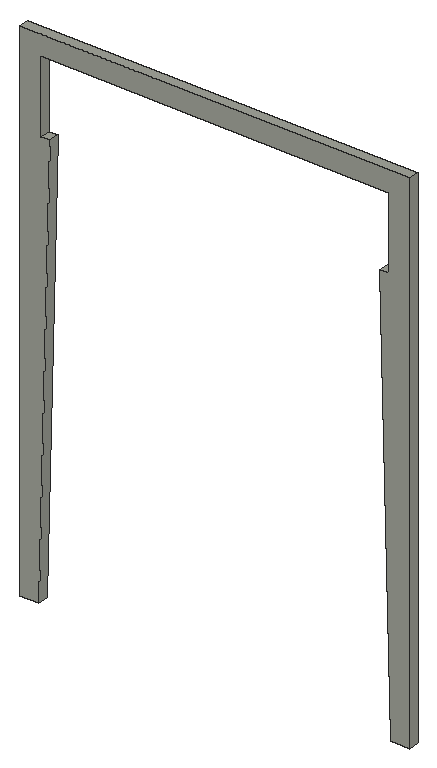
Revit family "CT_Bloco_I_Ponte_Pilar", category Structural Columns, Revit 2025
Family settings
  Display in Hidden Views = Edges Hidden by Other Members
  Section Shape = Not Defined
  Material for Model Behavior = Concrete
  Always export as geometry = Yes
  Beam cutback in plan = From bounding box
  OmniClass Number = 23.25.30.11.14.11
  OmniClass Title = Columns
  Cut with Voids When Loaded = No
  Symbolic Representation = From Family
  Shared = No
  Show family pre-cut in plan views = Yes
Parameters (values of type "PIL_PBI_PON")
  Structural Material [instance] = CT_Concreto
  Profundidade_Fundacao [instance] = 4.400 m
  Depth = 0.500 m
  Width = 0.500 m
  Altura_Apoio_Superior [instance] = 16.000 m
Reference planes (m)
  plane 1 "Center (Front/Back)": y = 0
  plane 2: z = 0
  plane 3 "Center (Left/Right)": x = 0
  plane 4: x = -9.5
  plane 5: x = 9.5
  plane 6: y = 0.25
  plane 7: y = -0.25
  plane 8: z = -4.4
  plane 9: z = 16
Forms (m)
  Extrusion 1, solid, material "CT_Concreto" <- "Structural Material"
    sketch origin (0, 0.125, 0) x (1, 0, 0) y (0, 0, 1)
      loop
        line (-8.5, 16) -> (-8.5, 19.5) -> (8.5, 19.5) -> (8.5, 16) -> (8.056776, 16) -> (8.5778, -4.4) -> (9.5, -4.4) -> (9.5, 20.5) -> (-9.5, 20.5) -> (-9.5, -4.4) -> (-8.588855, -4.4) -> (-8.056285, 16) -> (-8.5, 16)
    from -0.125 to 0.375
Dimensions and locks (m)
  equal spacing: plane 6, plane 1 "Center (Front/Back)", plane 7
  "Width": plane 6 to plane 7
  locked: Extrusion 1 to Extrusion 1 at 1
  "Profundidade_Fundacao": level to plane 8
  "Altura_Apoio_Superior": plane 9 to level
  aligned and locked: level to plane 2
  aligned and locked: Extrusion 1 sketch curve to level
  aligned and locked: plane 4 to Extrusion 1 sketch curve
  aligned and locked: plane 5 to Extrusion 1 sketch curve
  aligned and locked: plane 6 to Extrusion 1
  aligned and locked: plane 7 to Extrusion 1
  aligned and locked: plane 9 to Extrusion 1  (x2)
Automatic sketch dimensions
  plane 8 to Extrusion 1 sketch curve = 0.000 m  (x2)
  Extrusion 1 sketch curve to Extrusion 1 sketch curve = 0.911145 m
  plane 4 to Extrusion 1 sketch curve = 1.000 m
  Extrusion 1 sketch curve to Extrusion 1 sketch curve = 0.443715 m
  plane 5 to Extrusion 1 sketch curve = 1.443224 m
  plane 5 to Extrusion 1 sketch curve = 1.000 m
  Extrusion 1 sketch curve to level = 1.000 m
  Extrusion 1 sketch curve to Extrusion 1 sketch curve = 0.9222 m
  Extrusion 1 sketch curve to Extrusion 1 sketch curve = 3.500 m  (x2)
